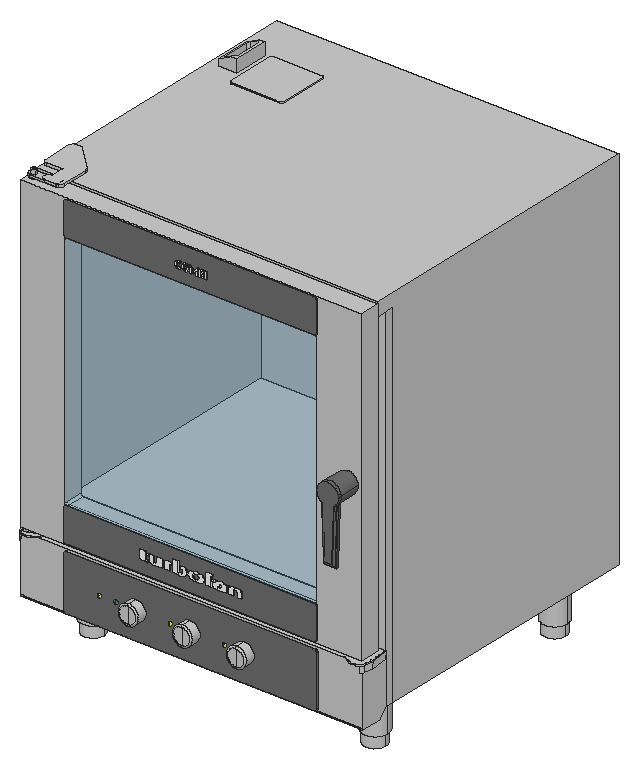
Revit family "QF_Moffat_ICEM071E--", category Specialty Equipment, Revit 2019
Family settings
  Round Connector Dimension = Use Diameter
  Part Type = Normal
  OmniClass Number = 23.40.40.14.17.11
  OmniClass Title = Cookers, Ovens, Stoves
  Work Plane-Based = No
  Always vertical = Yes
  Cut with Voids When Loaded = No
  Shared = No
  Room Calculation Point = No
Parameters (values of type "ICEM071E")
  Weight in Pounds = 198
  Watts = 12500 W
  Waste Water Discharge Temperature [instance] = 0 °C
  Volts = 400 V
  URL Cutsheet = "www.moffat.com"
  URL = "www.moffat.com"
  Status [instance] = ""
  Specification by User [instance] = ""
  Specification by Manufacturer = ""
  Show Logo [instance] = yes
  Show Clearance [instance] = yes
  Serial Number = ""
  Seismic Rating = ""
  SMACNA No = ""
  Revision Code [instance] = ""
  Plumbing Remarks [instance] = ""
  Plumbing Connection Type [instance] = ""
  Phase = 3
  NAFEM Spec ID Number = ""
  Model = "ICEM071E"
  Min Ckt Ampacity = 0 A
  Max Overcurrent Protection = 0 A
  Masterspec = ""
  Manufacturer = "MOFFAT"
  Item Number [instance] = ""
  Installed By [instance] = ""
  Indirect Waste Size = 1 1/2"
  Indirect Waste Flow = 0.0 L/s
  Indirect Waste Connection Type [instance] = ""
  Indirect Waste Connection Height [instance] = 94 mm
  Identify Quantity as Lot [instance] = no
  HP = "16.762750000000"
  Furnished By [instance] = ""
  Foodservice Equipment Identifier [instance] = yes
  Filtered Water Supply Size = 3/4"
  Filtered Water RI Height [instance] = 119 mm
  Filtered Water Flow [instance] = 0.0 L/s
  Filtered Water Connection Height [instance] = 119 mm
  FL Amps = 18 A
  Electrical Remarks [instance] = ""
  Electric Connection Type [instance] = ""
  Elec Conn RI Height [instance] = 0 mm
  Elec Conn Connection Height [instance] = 119 mm
  Description = "ELECTRIC DIRECT STEAM COMBI OVEN - 7 X 1/1 GN - 7 X 600 X 400 ● ELECTROMECHANICAL CONTROLS"
  Cycle = 50 Hz
  Conn Plug = ""
  Conn Conduit [instance] = no
  Cold Water Temperature Recommended = 0 °C
  Cold Water Size = 3/4"
  Cold Water Minimum Pressure = 20000.0 Pa
  Cold Water Maximum Pressure = 50000.0 Pa
  Cold Water Flow [instance] = 0.0 L/s
  Cold Water Consumption [instance] = 0.0 L/s
  Cold Water Connection Height [instance] = 119 mm
  CSI MasterFormat = ""
  Assembly Code = "E1090320"
  Apparent Power = 12500 VA
Reference planes
  plane 1 "Back": y = 0
  plane 2: z = 0
  plane 3 "Left": x = 0
  plane 4 "Right": x = 776.5
  plane 5 "Front": y = -729
  plane 6 "Top": z = 954
Forms (mm)
  Extrusion 1, solid
    sketch origin (-1.5, -729, 61) x (-1, 0, 0) y (0, 0, 1)
      loop
        arc (-670.5, 808) -> (-674.036, 806.536) -> (-675.5, 803) r 5
        line (-675.5, 803) -> (-675.5, 266)
        arc (-675.5, 266) -> (-674.036, 262.464) -> (-670.5, 261) r 5
        line (-670.5, 261) -> (-106.5, 261)
        arc (-106.5, 261) -> (-102.964, 262.464) -> (-101.5, 266) r 5
        line (-101.5, 266) -> (-101.5, 803)
        arc (-101.5, 803) -> (-102.964, 806.536) -> (-106.5, 808) r 5
        line (-106.5, 808) -> (-670.5, 808)
    from 0 to 7
  Extrusion 2, solid
    sketch origin (0, -734, 62) x (-1, 0, 0) y (0, 0, 1)
      loop
        line (0, 888) -> (-776.5, 888) -> (-776.5, 181) -> (0, 181) -> (0, 888)
      loop
        line (-105, 807) -> (-669, 807)
        arc (-669, 807) -> (-672.536, 805.536) -> (-674, 802) r 5
        line (-674, 802) -> (-674, 265)
        arc (-674, 265) -> (-672.536, 261.464) -> (-669, 260) r 5
        line (-669, 260) -> (-105, 260)
        arc (-105, 260) -> (-101.464, 261.464) -> (-100, 265) r 5
        line (-100, 265) -> (-100, 802)
        arc (-100, 802) -> (-101.464, 805.536) -> (-105, 807) r 5
    from 5 to 50
  Extrusion 3, void
    sketch origin (0, -770, 62) x (-1, 0, 0) y (0, 0, 1)
      loop
        line (-726.5, 842) -> (-726.5, 231) -> (-50, 231) -> (-50, 842) -> (-726.5, 842)
    from 73.5 to 660
  Extrusion 4, solid
    sketch origin (-8, 64, 226.75) x (0, 1, 0) y (0, 0, 1)
      loop
        arc (-748, 20) -> (-749.464, 16.464) -> (-753, 15) r 5
        line (-753, 15) -> (-753, 10)
        arc (-753, 10) -> (-745.929, 12.929) -> (-743, 20) r 10
        line (-743, 20) -> (-743, 47.5) -> (-748, 47.5) -> (-748, 20)
    from 18.5 to 58.5
  Extrusion 5, solid
    sketch origin (-8, 64, 226.75) x (1, 0, 0) y (0, 1, 0)
      loop
        line (8, -763.5) -> (8, -785.458)
        arc (8, -785.458) -> (10.035, -789.942) -> (14.75, -791.36) r 5.955
        arc (14.75, -791.36) -> (37.705, -785.436) -> (55.645, -769.937) r 52.003
        arc (55.645, -769.937) -> (57.768, -765.771) -> (58.5, -761.152) r 14.947
        line (58.5, -761.152) -> (58.5, -753) -> (18.5, -753) -> (18.5, -757.5)
        arc (18.5, -757.5) -> (17.621, -759.621) -> (15.5, -760.5) r 3
        line (15.5, -760.5) -> (11, -760.5)
        arc (11, -760.5) -> (8.879, -761.379) -> (8, -763.5) r 3
    from 10 to 15
  Extrusion 6, solid
    sketch origin (0, 0, 0) x (0, 1, 0) y (0, 0, 1)
      loop
        line (0, 119.02) -> (0, 954) -> (-684, 954) -> (-684, 924) -> (-644, 924) -> (-644, 119.02) -> (0, 119.02)
    from 0 to 776.5
  Extrusion 7, solid
    sketch origin (-8, 0, 3) x (1, 0, 0) y (0, 1, 0)
      loop
        circle (19, -719.093) r 5
    from 232.5 to 240
  Extrusion 8, solid
    sketch origin (5, 0, 177) x (1, 0, 0) y (0, 1, 0)
      loop
        arc (5, -581.05) -> (-2.071, -583.979) -> (-5, -591.05) r 10
        line (-5, -591.05) -> (-5, -656.05)
        arc (-5, -656.05) -> (-2.071, -663.121) -> (5, -666.05) r 10
        line (5, -666.05) -> (40, -666.05) -> (40, -695.05)
        arc (40, -695.05) -> (30, -705.05) -> (40, -715.05) r 10
        line (40, -715.05) -> (65, -715.05)
        arc (65, -715.05) -> (67.236, -714.797) -> (69.359, -714.05) r 10
        arc (69.359, -714.05) -> (73.473, -710.361) -> (75, -705.05) r 10
        line (75, -705.05) -> (75, -644.192)
        arc (75, -644.192) -> (74.239, -640.365) -> (72.071, -637.121) r 10
        line (72.071, -637.121) -> (18.929, -583.979)
        arc (18.929, -583.979) -> (15.685, -581.811) -> (11.858, -581.05) r 10
        line (11.858, -581.05) -> (5, -581.05)
    from 777 to 782
  Extrusion 9, solid
    sketch origin (0, 0, 177) x (0, 1, 0) y (0, 0, 1)
      loop
        line (0, 402.121) -> (50, 402.121) -> (50, 695.487) -> (0, 745.487) -> (0, 402.121)
    from 66.5 to 216.5
  Revolve 10, solid
    sketch origin (-5, -605.284, 0) x (1, 0, 0) y (0, 0, 1)
      loop
        line (46.862, 0) -> (72, 0) -> (72, 119.02) -> (43, 119.02) -> (43, 26.5) -> (46.862, 26.5) -> (46.862, 0)
      axis (72, 0) -> (72, 119.02)
    angle from 0 to 360
  Extrusion 11, solid
    sketch origin (26.25, 0, 954) x (1, 0, 0) y (0, 1, 0)
      loop
        line (164.05, -109.8) -> (54.05, -109.8)
        arc (54.05, -109.8) -> (50.514, -111.264) -> (49.05, -114.8) r 5
        line (49.05, -114.8) -> (49.05, -224.8)
        arc (49.05, -224.8) -> (50.514, -228.336) -> (54.05, -229.8) r 5
        line (54.05, -229.8) -> (164.05, -229.8)
        arc (164.05, -229.8) -> (167.586, -228.336) -> (169.05, -224.8) r 5
        line (169.05, -224.8) -> (169.05, -114.8)
        arc (169.05, -114.8) -> (167.586, -111.264) -> (164.05, -109.8) r 5
    from 0 to 2
  Extrusion 12, solid
    sketch origin (-2.75, 0, 954) x (1, 0, 0) y (0, 1, 0)
      loop
        line (26.25, -114.484) -> (26.25, -194.484) -> (66.25, -194.484) -> (66.25, -114.484) -> (26.25, -114.484)
      loop
        line (56.104, -119.484) -> (36.739, -119.484) -> (31.956, -124.484) -> (31.956, -184.484) -> (36.739, -189.484) -> (56.104, -189.484) -> (60.887, -184.484) -> (60.887, -124.484) -> (56.104, -119.484)
    from 0 to 30
  Extrusion 13, void
    sketch origin (0, 0, 177) x (1, 0, 0) y (0, 0, 1)
      loop
        line (11.25, 787) -> (23.5, 787) -> (23.5, 791.9) -> (51.111, 805.706) -> (71.25, 805.706) -> (71.25, 822) -> (11.25, 822) -> (11.25, 787)
    from 110 to 205.852
  Extrusion 14, solid
    sketch origin (-3, 0, 109) x (1, 0, 0) y (0, 1, 0)
      loop
        circle (480.5, -40) r 10
    from 0 to 10.02
  Extrusion 15, solid
    sketch origin (0, 0, 0) x (1, 0, 0) y (0, 0, 1)
      loop
        line (96, 119.02) -> (96, 68) -> (554.5, 68) -> (554.5, 119.02) -> (553.5, 119.02) -> (553.5, 69.6) -> (97, 69.6) -> (97, 119.02) -> (96, 119.02)
    from 54.615 to 0.871
  Sweep 16, solid
    path origin (388.257, -0.7, 18.041) x (0, 1, 0) y (0, 0, 1)
      loop
        line (22.676, 76) -> (-84, 76) -> (-136.6, 80.825) -> (-267.884, 129.449)
    profile origin (388.257, -31.362, 94.041) x (0, 0, -1) y (1, 0, 0)
      loop
        circle (0, 0) r 20
  Extrusion 17, solid, visible <- "Show Clearance", detail levels coarse
    sketch origin (0, 0, 0) x (1, 0, 0) y (0, 1, 0)
      loop
        line (776.5, -729) -> (0, -729) -> (0, -1505.5)
        arc (0, -1505.5) -> (549.068, -1278.068) -> (776.5, -729) r 776.5
    from 243 to 950
  Extrusion 18, solid, visible <- "Show Clearance", detail levels coarse
    sketch origin (0, 0, 0) x (1, 0, 0) y (0, 1, 0)
      loop
        line (0, -729) -> (0, 0) -> (776.5, 0) -> (776.5, 65) -> (-500, 65) -> (-500, -729) -> (0, -729)
    from 0 to 954
  Extrusion 19, solid
    sketch origin (0, -728, 0) x (1, 0, 0) y (0, 0, 1)
      loop
        arc (674, 317) -> (672.536, 320.536) -> (669, 322) r 5
        line (669, 322) -> (105, 322)
        arc (105, 322) -> (101.464, 320.536) -> (100, 317) r 5
        line (100, 317) -> (100, 250)
        arc (100, 250) -> (101.464, 246.464) -> (105, 245) r 5
        line (105, 245) -> (669, 245)
        arc (669, 245) -> (672.536, 246.464) -> (674, 250) r 5
        line (674, 250) -> (674, 317)
      loop
        arc (674, 224.522) -> (672.536, 228.058) -> (669, 229.522) r 5
        line (669, 229.522) -> (105, 229.522)
        arc (105, 229.522) -> (101.464, 228.058) -> (100, 224.522) r 5
        line (100, 224.522) -> (100, 108.522)
        arc (100, 108.522) -> (101.464, 104.987) -> (105, 103.522) r 5
        line (105, 103.522) -> (669, 103.522)
        arc (669, 103.522) -> (672.536, 104.987) -> (674, 108.522) r 5
        line (674, 108.522) -> (674, 224.522)
      loop
        arc (674, 941) -> (672.536, 944.536) -> (669, 946) r 5
        line (669, 946) -> (105, 946)
        arc (105, 946) -> (101.464, 944.536) -> (100, 941) r 5
        line (100, 941) -> (100, 874)
        arc (100, 874) -> (101.464, 870.464) -> (105, 869) r 5
        line (105, 869) -> (669, 869)
        arc (669, 869) -> (672.536, 870.464) -> (674, 874) r 5
        line (674, 874) -> (674, 941)
    from 0 to 2
  Revolve 20, solid
    sketch origin (635, -605.284, 0) x (1, 0, 0) y (0, 0, 1)
      loop
        line (46.862, 0) -> (72, 0) -> (72, 119) -> (43, 119) -> (43, 26.5) -> (46.862, 26.5) -> (46.862, 0)
      axis (72, 0) -> (72, 119)
    angle from 0 to 360
  Revolve 21, solid
    sketch origin (510.015, -0.02, 28.5) x (0, 1, 0) y (0, 0, 1)
      loop
        line (-754.935, 138.022) -> (-730.98, 138.022) -> (-730.98, 160.022) -> (-751.935, 160.022)
        arc (-751.935, 160.022) -> (-754.056, 159.144) -> (-754.935, 157.022) r 3
        line (-754.935, 157.022) -> (-754.935, 138.022)
      axis (-730.98, 138.022) -> (-754.935, 138.022)
    angle from 0 to 360
  Revolve 22, solid
    sketch origin (0.4, -705.042, 177) x (1, 0, 0) y (0, 0, 1)
      loop
        line (5.6, 774.2) -> (1.6, 774.2) -> (1.6, 772) -> (10.6, 772) -> (10.6, 789.2) -> (6.6, 789.2) -> (5.6, 788.2) -> (5.6, 774.2)
      axis (10.6, 772) -> (10.6, 789.2)
    angle from 0 to 360
  Extrusion 23, solid
    sketch origin (0, 0, 0) x (0, 1, 0) y (0, 0, 1)
      loop
        arc (-661.278, 120.156) -> (-661.167, 120.571) -> (-661.13, 121) r 2.486
        line (-661.13, 121) -> (-661.13, 231.694)
        arc (-661.13, 231.694) -> (-661.599, 232.825) -> (-662.73, 233.294) r 1.6
        line (-662.73, 233.294) -> (-728, 233.294) -> (-728, 103.42)
        arc (-728, 103.42) -> (-727.531, 102.289) -> (-726.4, 101.82) r 1.6
        line (-726.4, 101.82) -> (-680.235, 101.82)
        arc (-680.235, 101.82) -> (-679.661, 101.935) -> (-679.174, 102.26) r 1.5
        line (-679.174, 102.26) -> (-661.278, 120.156)
    from 0 to 776.5
  Extrusion 24, solid
    sketch origin (0, -0.427, 0.313) x (0, 1, 0) y (0, 0, 1)
      loop
        line (-662.006, 97.82) -> (-662.006, 118.687) -> (-677.245, 103.448) -> (-675.618, 101.82) -> (-667.006, 101.82) -> (-667.006, 99.82) -> (-678.618, 99.82) -> (-679.618, 98.82) -> (-679.618, 94.82) -> (-678.618, 93.82) -> (-666.006, 93.82)
        arc (-666.006, 93.82) -> (-663.178, 94.992) -> (-662.006, 97.82) r 4
    from 60.6 to 62.1
  Extrusion 25, solid
    sketch origin (652.8, -0.427, 0.313) x (0, 1, 0) y (0, 0, 1)
      loop
        line (-662.006, 97.82) -> (-662.006, 118.687) -> (-677.245, 103.448) -> (-675.618, 101.82) -> (-667.006, 101.82) -> (-667.006, 99.82) -> (-678.618, 99.82) -> (-679.618, 98.82) -> (-679.618, 94.82) -> (-678.618, 93.82) -> (-666.006, 93.82)
        arc (-666.006, 93.82) -> (-663.178, 94.992) -> (-662.006, 97.82) r 4
    from 60.6 to 62.1
  Extrusion 26, solid
    sketch origin (0, 0, 177) x (1, 0, 0) y (0, 1, 0)
      loop
        arc (11, -695.05) -> (1, -705.05) -> (11, -715.05) r 10
        line (11, -715.05) -> (70, -715.05) -> (70, -695.05) -> (11, -695.05)
    from 780 to 777
  Revolve 27, solid
    sketch origin (-5, -95.284, 0) x (1, 0, 0) y (0, 0, 1)
      loop
        line (46.862, 0) -> (72, 0) -> (72, 119.02) -> (43, 119.02) -> (43, 26.5) -> (46.862, 26.5) -> (46.862, 0)
      axis (72, 0) -> (72, 119.02)
    angle from 0 to 360
  Revolve 28, solid
    sketch origin (635, -95.284, 0) x (1, 0, 0) y (0, 0, 1)
      loop
        line (46.862, 0) -> (72, 0) -> (72, 119) -> (43, 119) -> (43, 26.5) -> (46.862, 26.5) -> (46.862, 0)
      axis (72, 0) -> (72, 119)
    angle from 0 to 360
  Extrusion 29, solid
    sketch origin (0, -644, 0) x (1, 0, 0) y (0, 0, 1)
      loop
        line (0, 924) -> (0, 119.02) -> (776.5, 119.02) -> (776.5, 924) -> (0, 924)
      loop
        line (50, 874) -> (50, 169.02) -> (726.5, 169.02) -> (726.5, 874) -> (50, 874)
    from 0 to 17.13
  Extrusion 30, solid
    sketch origin (0, 218.103, 0) x (1, 0, 0) y (0, 1, 0)
      loop
        line (11.387, -954.123) -> (19.679, -954.123)
        arc (19.679, -954.123) -> (23.564, -953.602) -> (27.179, -952.082) r 14.86
        line (27.179, -952.082) -> (40.701, -944.155) -> (40.701, -882.001) -> (-1.998, -882.001)
        arc (-1.998, -882.001) -> (-2.591, -882.19) -> (-2.963, -882.688) r 1.021
        arc (-2.963, -882.688) -> (-5.884, -903.957) -> (-7.5, -925.364) r 351.195
        line (-7.5, -925.364) -> (-3.257, -942.641)
        arc (-3.257, -942.641) -> (2.083, -950.91) -> (11.387, -954.123) r 15.079
    from 233.294 to 235.5
  Extrusion 31, solid
    sketch origin (0, 0, 0) x (1, 0, 0) y (0, 1, 0)
      loop
        line (-7.5, -707.261) -> (-3.257, -724.538)
        arc (-3.257, -724.538) -> (-1.235, -729.191) -> (2.217, -732.911) r 15.079
        line (2.217, -732.911) -> (2.217, -730.267)
        arc (2.217, -730.267) -> (0.019, -727.409) -> (-1.314, -724.06) r 13.079
        line (-1.314, -724.06) -> (-5.5, -707.019)
        arc (-5.5, -707.019) -> (-3.951, -686.392) -> (-1.156, -665.898) r 341.282
        line (-1.156, -665.898) -> (30, -665.898) -> (30, -663.898) -> (-1.998, -663.898)
        arc (-1.998, -663.898) -> (-2.72, -664.197) -> (-3.019, -664.919) r 1.021
        arc (-3.019, -664.919) -> (-5.902, -686.022) -> (-7.5, -707.261) r 351.195
    from 219.2 to 233.294
  Extrusion 32, solid
    sketch origin (0, 0, 0) x (1, 0, 0) y (0, 1, 0)
      loop
        line (736.5, -661.13) -> (40, -661.13) -> (40, -684) -> (736.5, -684) -> (736.5, -661.13)
    from 274.25 to 924
  Extrusion 33, solid
    sketch origin (-3, 0, 0) x (1, 0, 0) y (0, 1, 0)
      loop
        circle (600.5, -40) r 10
    from 109 to 119.02
  Extrusion 34, solid
    sketch origin (-3, 0, 0) x (1, 0, 0) y (0, 1, 0)
      loop
        circle (675.5, -40) r 10
    from 109 to 119.02
  Extrusion 35, solid
    sketch origin (776.5, 218.103, 0) x (-1, 0, 0) y (0, -1, 0)
      loop
        arc (11.387, 954.123) -> (2.083, 950.91) -> (-3.257, 942.641) r 15.079
        line (-3.257, 942.641) -> (-7.5, 925.364)
        arc (-7.5, 925.364) -> (-5.884, 903.957) -> (-2.963, 882.688) r 351.195
        arc (-2.963, 882.688) -> (-2.591, 882.19) -> (-1.998, 882.001) r 1.021
        line (-1.998, 882.001) -> (40.701, 882.001) -> (40.701, 944.155) -> (27.179, 952.082)
        arc (27.179, 952.082) -> (23.564, 953.602) -> (19.679, 954.123) r 14.86
        line (19.679, 954.123) -> (11.387, 954.123)
    from 233.294 to 235.5
  Extrusion 36, solid
    sketch origin (776.5, 0, 0) x (-1, 0, 0) y (0, -1, 0)
      loop
        arc (-7.5, 707.261) -> (-5.902, 686.022) -> (-3.019, 664.919) r 351.195
        arc (-3.019, 664.919) -> (-2.72, 664.197) -> (-1.998, 663.898) r 1.021
        line (-1.998, 663.898) -> (30, 663.898) -> (30, 665.898) -> (-1.156, 665.898)
        arc (-1.156, 665.898) -> (-3.951, 686.392) -> (-5.5, 707.019) r 341.282
        line (-5.5, 707.019) -> (-1.314, 724.06)
        arc (-1.314, 724.06) -> (0.019, 727.409) -> (2.217, 730.267) r 13.079
        line (2.217, 730.267) -> (2.217, 732.911)
        arc (2.217, 732.911) -> (-1.235, 729.191) -> (-3.257, 724.538) r 15.079
        line (-3.257, 724.538) -> (-7.5, 707.261)
    from 219.2 to 233.294
  Revolve 37, solid
    sketch origin (264, -0.02, 28.5) x (0, 1, 0) y (0, 0, 1)
      loop
        line (-754.935, 138.022) -> (-730.98, 138.022) -> (-730.98, 160.022) -> (-751.935, 160.022)
        arc (-751.935, 160.022) -> (-754.056, 159.144) -> (-754.935, 157.022) r 3
        line (-754.935, 157.022) -> (-754.935, 138.022)
      axis (-730.98, 138.022) -> (-754.935, 138.022)
    angle from 0 to 360
  Extrusion 38, solid
    sketch origin (0, -2.2, 28.5) x (1, 0, 0) y (0, 0, 1)
      loop
        circle (387, 138.022) r 3
      loop
        circle (510, 138.022) r 3
      loop
        circle (264, 138.022) r 3
    from 726.8 to 728.8
  Revolve 39, solid
    sketch origin (386.984, -0.02, 28.5) x (0, 1, 0) y (0, 0, 1)
      loop
        line (-754.935, 138.022) -> (-730.98, 138.022) -> (-730.98, 160.022) -> (-751.935, 160.022)
        arc (-751.935, 160.022) -> (-754.056, 159.144) -> (-754.935, 157.022) r 3
        line (-754.935, 157.022) -> (-754.935, 138.022)
      axis (-730.98, 138.022) -> (-754.935, 138.022)
    angle from 0 to 360
  Revolve 40, solid
    sketch origin (179.989, 0, 1.004) x (0, 1, 0) y (0, 0, 1)
      loop
        line (-730, 165.519) -> (-730, 169.522)
        arc (-730, 169.522) -> (-730.746, 167.582) -> (-731, 165.519) r 8.507
        line (-731, 165.519) -> (-730, 165.519)
      axis (-730, 165.519) -> (-731, 165.519)
    angle from 0 to 360
  Revolve 41, solid
    sketch origin (217.996, 0, 1.004) x (0, 1, 0) y (0, 0, 1)
      loop
        line (-730, 165.519) -> (-730, 169.522)
        arc (-730, 169.522) -> (-730.746, 167.582) -> (-731, 165.519) r 8.507
        line (-731, 165.519) -> (-730, 165.519)
      axis (-730, 165.519) -> (-731, 165.519)
    angle from 0 to 360
  Revolve 42, solid
    sketch origin (340.98, 0, 1.004) x (0, 1, 0) y (0, 0, 1)
      loop
        line (-730, 165.519) -> (-730, 169.522)
        arc (-730, 169.522) -> (-730.746, 167.582) -> (-731, 165.519) r 8.507
        line (-731, 165.519) -> (-730, 165.519)
      axis (-730, 165.519) -> (-731, 165.519)
    angle from 0 to 360
  Revolve 43, solid
    sketch origin (464.011, 0, 1.004) x (0, 1, 0) y (0, 0, 1)
      loop
        line (-730, 165.519) -> (-730, 169.522)
        arc (-730, 169.522) -> (-730.746, 167.582) -> (-731, 165.519) r 8.507
        line (-731, 165.519) -> (-730, 165.519)
      axis (-730, 165.519) -> (-731, 165.519)
    angle from 0 to 360
Cuts and joins
  Extrusion 3 cuts Extrusion 6
  Extrusion 13 cuts Extrusion 12
  Extrusion 3 cuts Extrusion 29
  Extrusion 3 cuts Extrusion 32
Lines and regions (mm)
  symbolic lines, style "200-EquipBorder-2D"
    curve 1: line (0, 0, 0) -> (776.5, 0, 0)
    curve 2: line (776.5, -729, 0) -> (0, -729, 0)
    curve 3: line (776.5, 0, 0) -> (776.5, -729, 0)
    curve 4: line (66.5, 50, 0) -> (216.5, 50, 0)
    curve 5: line (216.5, 50, 0) -> (216.5, 0, 0)
    curve 6: line (66.5, 50, 0) -> (66.5, 0, 0)
    curve 7: arc (241.973, -751.679, 0) -> (243.079, -754.039, 0) -> (245.502, -755, 0) r 3.536
    curve 8: line (285.972, -751.464, 0) -> (285.972, -731, 0)
    curve 9: arc (285.972, -751.464, 0) -> (284.937, -753.964, 0) -> (282.437, -755, 0) r 3.536
    curve 10: line (282.437, -755, 0) -> (245.502, -755, 0)
    curve 22: line (0, -729, 0) -> (0, 0, 0)
    curve 28: line (241.973, -731, 0) -> (241.973, -751.679, 0)
    curve 29: line (241.973, -731, 0) -> (285.972, -731, 0)
    curve 30: arc (364.956, -751.679, 0) -> (366.062, -754.039, 0) -> (368.485, -755, 0) r 3.536
    curve 31: line (408.956, -751.464, 0) -> (408.956, -731, 0)
    curve 32: arc (408.956, -751.464, 0) -> (407.92, -753.964, 0) -> (405.42, -755, 0) r 3.536
    curve 33: line (405.42, -755, 0) -> (368.485, -755, 0)
    curve 34: line (364.956, -731, 0) -> (364.956, -751.679, 0)
    curve 35: line (364.956, -731, 0) -> (408.956, -731, 0)
    curve 36: arc (487.987, -751.679, 0) -> (489.093, -754.039, 0) -> (491.516, -755, 0) r 3.536
    curve 37: line (531.987, -751.464, 0) -> (531.987, -731, 0)
    curve 38: arc (531.987, -751.464, 0) -> (530.951, -753.964, 0) -> (528.451, -755, 0) r 3.536
    curve 39: line (528.451, -755, 0) -> (491.516, -755, 0)
    curve 40: line (487.987, -731, 0) -> (487.987, -751.679, 0)
    curve 41: line (487.987, -731, 0) -> (531.987, -731, 0)
    curve 42: line (260.984, -731, 0) -> (260.984, -729, 0)
    curve 43: line (266.999, -729, 0) -> (266.999, -731, 0)
    curve 44: line (383.967, -731, 0) -> (383.967, -729, 0)
    curve 45: line (389.982, -729, 0) -> (389.982, -731, 0)
    curve 46: line (506.998, -731, 0) -> (506.998, -729, 0)
    curve 47: line (513.013, -729, 0) -> (513.013, -731, 0)
  symbolic lines, style "200-EquipInternal-2D"
    curve 11: line (75.3, -114.8, 0) -> (75.3, -224.8, 0)
    curve 12: line (63.5, -194.484, 0) -> (63.5, -114.484, 0)
    curve 13: line (23.5, -114.484, 0) -> (23.5, -194.484, 0)
    curve 14: line (63.5, -114.484, 0) -> (23.5, -114.484, 0)
    curve 15: line (23.5, -194.484, 0) -> (63.5, -194.484, 0)
    curve 16: arc (75.3, -224.8, 0) -> (76.764, -228.336, 0) -> (80.3, -229.8, 0) r 5
    curve 17: arc (190.3, -229.8, 0) -> (193.836, -228.336, 0) -> (195.3, -224.8, 0) r 5
    curve 18: line (195.3, -224.8, 0) -> (195.3, -114.8, 0)
    curve 19: line (80.3, -229.8, 0) -> (190.3, -229.8, 0)
    curve 20: arc (80.3, -109.8, 0) -> (76.764, -111.264, 0) -> (75.3, -114.8, 0) r 5
    curve 21: arc (195.3, -114.8, 0) -> (193.836, -111.264, 0) -> (190.3, -109.8, 0) r 5
    curve 27: line (80.3, -109.8, 0) -> (190.3, -109.8, 0)
    curve 48: line (0, -684, 0) -> (776.5, -684, 0)
    curve 49: line (77.071, -637.121, 0) -> (23.929, -583.979, 0)
    curve 50: arc (10, -581.05, 0) -> (2.929, -583.979, 0) -> (0, -591.05, 0) r 10
    curve 51: line (16.858, -581.05, 0) -> (10, -581.05, 0)
    curve 52: arc (23.929, -583.979, 0) -> (20.685, -581.811, 0) -> (16.858, -581.05, 0) r 10
    curve 53: line (10, -666.05, 0) -> (45, -666.05, 0)
    curve 54: arc (0, -656.05, 0) -> (2.929, -663.121, 0) -> (10, -666.05, 0) r 10
    curve 55: line (45, -666.05, 0) -> (45, -695.05, 0)
    curve 56: line (80, -705.05, 0) -> (80, -644.192, 0)
    curve 57: arc (80, -644.192, 0) -> (79.239, -640.365, 0) -> (77.071, -637.121, 0) r 10
    curve 58: arc (70, -715.05, 0) -> (77.071, -712.121, 0) -> (80, -705.05, 0) r 10
    curve 59: line (45, -715.05, 0) -> (70, -715.05, 0)
    curve 60: arc (45, -695.05, 0) -> (35, -705.05, 0) -> (45, -715.05, 0) r 10
    curve 61: line (45, -695.05, 0) -> (11, -695.05, 0)
    curve 62: arc (11, -695.05, 0) -> (1, -705.05, 0) -> (11, -715.05, 0) r 10
    curve 63: line (11, -715.05, 0) -> (45, -715.05, 0)
    curve 64: circle (11, -705.042, 0) r 5 normal (0, 0, 1)
    curve 65: circle (11, -705.042, 0) r 4 normal (0, 0, 1)
    curve 66: line (33.989, -119.484, 0) -> (53.354, -119.484, 0)
    curve 67: line (29.206, -124.484, 0) -> (33.989, -119.484, 0)
    curve 68: line (29.206, -184.484, 0) -> (29.206, -124.484, 0)
    curve 69: line (33.989, -189.484, 0) -> (29.206, -184.484, 0)
    curve 70: line (53.354, -189.484, 0) -> (33.989, -189.484, 0)
    curve 71: line (58.137, -184.484, 0) -> (53.354, -189.484, 0)
    curve 72: line (58.137, -124.484, 0) -> (58.137, -184.484, 0)
    curve 73: line (53.354, -119.484, 0) -> (58.137, -124.484, 0)
  symbolic lines, style "QF_Door-Drawer Clearances", visible <- "Show Clearance"
    curve 23: line (0, -729, 0) -> (0, -1505.5, 0)
    curve 24: arc (0, -1505.5, 0) -> (549.068, -1278.068, 0) -> (776.5, -729, 0) r 776.5
  symbolic lines, style "QF_Clearances", visible <- "Show Clearance"
    curve 25: line (-500, -729, 0) -> (-500, 65, 0)
    curve 26: line (-500, 65, 0) -> (776.5, 65, 0)
Dimensions and locks
  plane 3 "Left" to plane 4 "Right" = 776.5 mm
  plane 5 "Front" to plane 1 "Back" = 729 mm
  plane 6 "Top" to level = 954 mm
  plane 1 "Back" to plane 5 "Front" = 729 mm
  plane 4 "Right" to plane 3 "Left" = 776.5 mm
  aligned and locked: level to plane 2
Nested families
  nested 1: "Combi_Handle" at (743.881, -729, 595.299) x (1, 0, 0) z (0, -1, 0), type "KTM"
    with MAT_Handle none
  nested 2: "Combi_Logo_Combi" at (388.25, -729.5, 904) x (1, 0, 0) z (0, -1, 0), visible <- "Show Logo", type "KTM"
    with MAT_Handle none
  nested 3: "Combi_Logo_Turbofan" at (388.25, -729.5, 283.5) x (1, 0, 0) z (0, -1, 0), visible <- "Show Logo", type "KTM"
    with MAT_Handle none
Connectors
  electrical at (477.5, -40, 109), driven by "Apparent Power", driven by "Volts"
    settings: on Extrusion 14, index 1, voltage 400 V, apparent load 12500 VA, apparent load phase1 0 VA, apparent load phase2 0 VA, apparent load phase3 0 VA, power factor 1, load classification "Other", number of poles 1, system type 30, power factor state 1, is connector primary yes, connector utility no, sub classification motor no, connector description "Electrical connestion"
  piping at (597.5, -40, 109), diameter 19.05, driven by "Cold Water Size", driven by "Cold Water Flow"
    settings: on Extrusion 33, index 2, connector inside diameter 24", connector length 0 mm, flow factor 0, pipe flow 0.0 L/s, pressure drop 0.0 Pa, fitting loss kfactor 0, connector angle 0.00°, fixture units 0, engagement length 0 mm, angle of deflection 0.00°, flow configuration 0, flow direction 1, fitting loss method 0, system type 20, joint type 0, gender type 0, connector reference index -1, connector utility 0, adjustable connector no, is connector primary yes, connector description "Cold water inlet"
  piping at (672.5, -40, 109), diameter 19.05, driven by "Cold Water Size", driven by "Cold Water Flow"
    settings: on Extrusion 34, index 4, connector inside diameter 24", connector length 0 mm, flow factor 0, pipe flow 0.0 L/s, pressure drop 0.0 Pa, fitting loss kfactor 0, connector angle 0.00°, fixture units 0, engagement length 0 mm, angle of deflection 0.00°, flow configuration 0, flow direction 1, fitting loss method 0, system type 20, joint type 0, gender type 0, connector reference index -1, connector utility 0, adjustable connector no, is connector primary no, connector description "Cold soft water"
  piping at (388.257, 21.976, 94.041), diameter 38.1, driven by "Indirect Waste Size", driven by "Indirect Waste Flow"
    settings: on Sweep 16, index 5, connector inside diameter 24", connector length 0 mm, flow factor 0, pipe flow 0.0 L/s, pressure drop 0.0 Pa, fitting loss kfactor 0, connector angle 0.00°, fixture units 0, engagement length 0 mm, angle of deflection 0.00°, flow configuration 0, flow direction 2, fitting loss method 0, system type 16, joint type 0, gender type 0, connector reference index -1, connector utility 0, adjustable connector no, is connector primary no, connector description "Drain"
Definition of nested family "Combi_Handle"
  Parameters (values of type "KTM")
    MAT_Handle [instance] = none
    Default Elevation = 0 mm
  Reference planes
    plane 1 "Center (Front/Back)": y = 0
    plane 2: z = 0
    plane 3 "Center (Left/Right)": x = 0
    plane 4: y = -150
  Forms (mm)
    Revolve 1, solid, material <- "MAT_Handle"
      sketch origin (0, 0, 0) x (1, 0, 0) y (0, 0, 1)
        loop
          line (-23.5, 0) -> (0, 0) -> (0, 56.5) -> (-24.5, 56.5) -> (-24.5, 50) -> (-23.5, 0)
        axis (0, 0) -> (0, 56.5)
      angle from 0 to 360
    Blend 2, solid, material <- "MAT_Handle"
      base sketch origin (0, 0, 0) x (1, 0, 0) y (0, 0, 1)
        loop
          arc (-12.809, 56.5) -> (-13.773, 56.252) -> (-14.499, 55.57) r 2
          line (-14.499, 55.57) -> (-17.189, 51.324)
          arc (-17.189, 51.324) -> (-17.421, 50.811) -> (-17.5, 50.253) r 2
          line (-17.5, 50.253) -> (-17.5, 46.906)
          arc (-17.5, 46.906) -> (-15.743, 42.664) -> (-11.5, 40.906) r 6
          line (-11.5, 40.906) -> (11.5, 40.906)
          arc (11.5, 40.906) -> (15.743, 42.664) -> (17.5, 46.906) r 6
          line (17.5, 46.906) -> (17.5, 50.253)
          arc (17.5, 50.253) -> (17.421, 50.811) -> (17.189, 51.324) r 2
          line (17.189, 51.324) -> (14.499, 55.57)
          arc (14.499, 55.57) -> (13.773, 56.252) -> (12.809, 56.5) r 2
          line (12.809, 56.5) -> (-12.809, 56.5)
      top sketch origin (0, 0, 0) x (1, 0, 0) y (0, 0, 1)
        loop
          arc (-9.137, 56.5) -> (-10.101, 56.252) -> (-10.827, 55.57) r 2
          line (-10.827, 55.57) -> (-13.189, 51.841)
          arc (-13.189, 51.841) -> (-13.421, 51.328) -> (-13.5, 50.771) r 2
          line (-13.5, 50.771) -> (-13.5, 48.5)
          arc (-13.5, 48.5) -> (-11.743, 44.257) -> (-7.5, 42.5) r 6
          line (-7.5, 42.5) -> (7.5, 42.5)
          arc (7.5, 42.5) -> (11.743, 44.257) -> (13.5, 48.5) r 6
          line (13.5, 48.5) -> (13.5, 50.771)
          arc (13.5, 50.771) -> (13.421, 51.328) -> (13.189, 51.841) r 2
          line (13.189, 51.841) -> (10.827, 55.57)
          arc (10.827, 55.57) -> (10.101, 56.252) -> (9.137, 56.5) r 2
          line (9.137, 56.5) -> (-9.137, 56.5)
      from 0 to 150
    Extrusion 3, void
      sketch origin (0, 0, 0) x (0, 1, 0) y (0, 0, 1)
        loop
          line (-150, 48.5) -> (-134.679, 61.356) -> (-150, 61.356) -> (-150, 48.5)
      from -30 to 30
  Cuts and joins
    Extrusion 3 cuts Blend 2
    joined: Revolve 1, Blend 2
  Dimensions and locks
    locked: plane 4 to plane 1 "Center (Front/Back)" at 150
    aligned and locked: level to plane 2
    aligned and locked: Blend 2 to plane 4
    aligned and locked: Extrusion 3 sketch curve to plane 4
Definition of nested family "Combi_Logo_Combi"
  Parameters (values of type "KTM")
    MAT_Handle [instance] = none
    Default Elevation = 0 mm
  Reference planes
    plane 1 "Center (Front/Back)": y = 0
    plane 2: z = 0
    plane 3 "Center (Left/Right)": x = 0
  Forms (mm)
    Extrusion 1, solid, material <- "MAT_Handle"
      sketch origin (0, 0, 0) x (1, 0, 0) y (0, 1, 0)
        loop
          circle (-11.986, 0) r 8
        loop
          arc (-21.925, 5.237) -> (-35.972, 0) -> (-21.925, -5.237) r 8
          line (-21.925, -5.237) -> (-24.458, -3.044)
          arc (-24.458, -3.044) -> (-32.622, 0) -> (-24.458, 3.044) r 4.65
          line (-24.458, 3.044) -> (-21.925, 5.237)
        loop
          circle (-11.986, 0) r 4.65
        loop
          line (7.112, -0.787) -> (-1.186, 8) -> (-1.186, -8) -> (2.17, -8) -> (2.17, -0.498) -> (7.112, -5.732) -> (12.054, -0.498) -> (12.054, -8) -> (15.41, -8) -> (15.41, 8) -> (7.112, -0.787)
        loop
          arc (25.183, -8) -> (28.614, -6.579) -> (30.036, -3.147) r 4.853
          arc (30.036, -3.147) -> (29.215, -0.733) -> (27.093, 0.68) r 3.961
          arc (27.093, 0.68) -> (28.677, 1.43) -> (29.32, 3.059) r 2.384
          arc (29.32, 3.059) -> (27.873, 6.553) -> (24.379, 8) r 4.941
          line (24.379, 8) -> (18.583, 8) -> (18.583, -8) -> (25.183, -8)
        loop
          arc (25.183, -5.212) -> (27.248, -3.147) -> (25.183, -1.083) r 2.065
          line (25.183, -1.083) -> (21.939, -1.083) -> (21.939, -5.212) -> (25.183, -5.212)
        loop
          line (32.617, 8) -> (32.617, -8) -> (35.972, -8) -> (35.972, 8) -> (32.617, 8)
        loop
          arc (24.379, 1.246) -> (26.192, 3.059) -> (24.379, 4.872) r 1.813
          line (24.379, 4.872) -> (21.939, 4.872) -> (21.939, 1.246) -> (24.379, 1.246)
      from 0 to 1
  Dimensions and locks
    aligned and locked: level to plane 2
Definition of nested family "Combi_Logo_Turbofan"
  Parameters (values of type "KTM")
    MAT_Handle [instance] = none
    Default Elevation = 0 mm
  Reference planes
    plane 1 "Center (Front/Back)": y = 0
    plane 2: z = 0
    plane 3 "Center (Left/Right)": x = 0
  Forms (mm)
    Extrusion 1, solid, material <- "MAT_Handle"
      sketch origin (0, 0, 0) x (1, 0, 0) y (0, 1, 0)
        loop
          line (-84.466, -3.334) -> (-84.466, 7.583) -> (-93.685, 7.583) -> (-93.685, -5.149)
          arc (-93.685, -5.149) -> (-92.935, -7.494) -> (-90.965, -8.971) r 4.045
          arc (-90.965, -8.971) -> (-82.419, -10.77) -> (-73.696, -10.378) r 34.694
          line (-73.696, -10.378) -> (-64.589, -8.806) -> (-64.589, 7.583) -> (-76.526, 7.583) -> (-76.526, -5.61) -> (-80.945, -6.329)
          arc (-80.945, -6.329) -> (-83.397, -5.645) -> (-84.466, -3.334) r 3.034
        loop
          line (-45.406, 3.753) -> (-42.901, 3.552) -> (-42.901, 8.399)
          arc (-42.901, 8.399) -> (-51.379, 8.286) -> (-59.686, 6.588) r 45.105
          line (-59.686, 6.588) -> (-59.686, -10) -> (-47.59, -10) -> (-47.59, 1.737)
          arc (-47.59, 1.737) -> (-46.939, 3.223) -> (-45.406, 3.753) r 2.022
        loop
          arc (-112.147, -9.336) -> (-105.49, -10.705) -> (-98.694, -10.776) r 35.397
          line (-98.694, -10.776) -> (-98.694, -6.355) -> (-100.329, -6.11)
          arc (-100.329, -6.11) -> (-101.561, -5.429) -> (-102.051, -4.11) r 2.022
          line (-102.051, -4.11) -> (-102.051, 3.552) -> (-96.349, 3.552) -> (-96.349, 8.399) -> (-102.051, 8.399) -> (-102.051, 11.861) -> (-115, 11.861) -> (-115, -5.47)
          arc (-115, -5.47) -> (-114.209, -7.873) -> (-112.147, -9.336) r 4.045
        loop
          line (48.31, 12.224) -> (50.721, 12.224) -> (50.721, 16.312)
          arc (50.721, 16.312) -> (43.82, 16.571) -> (37.027, 15.329) r 31.679
          arc (37.027, 15.329) -> (34.94, 13.87) -> (34.139, 11.453) r 4.045
          line (34.139, 11.453) -> (34.139, -10) -> (46.287, -10) -> (46.287, 3.028) -> (53.388, 3.028) -> (53.388, 7.583) -> (46.287, 7.583) -> (46.287, 10.201)
          arc (46.287, 10.201) -> (46.879, 11.631) -> (48.31, 12.224) r 2.022
        loop
          arc (-40.679, -9.529) -> (-28.158, -11.048) -> (-15.637, -9.529) r 52.376
          arc (-15.637, -9.529) -> (-11.863, -7.77) -> (-9.039, -4.711) r 10.763
          arc (-9.039, -4.711) -> (-8.862, 3.983) -> (-16.363, 8.383) r 8.595
          line (-16.363, 8.383) -> (-25.765, 8.383) -> (-25.765, 3.784) -> (-22.398, 3.784)
          arc (-22.398, 3.784) -> (-18.585, 2.035) -> (-17.424, -1.997) r 5.03
          arc (-17.424, -1.997) -> (-18.584, -4.428) -> (-20.901, -5.802) r 4.629
          arc (-20.901, -5.802) -> (-24.719, -6.11) -> (-28.441, -5.205) r 12.061
          line (-28.441, -5.205) -> (-28.441, 16.968) -> (-40.679, 16.968) -> (-40.679, -9.529)
        loop
          arc (0.635, -8.752) -> (12.758, -10.73) -> (24.88, -8.752) r 38.131
          arc (24.88, -8.752) -> (28.396, -6.917) -> (31.17, -4.083) r 12.641
          arc (31.17, -4.083) -> (32.103, -1.157) -> (31.17, 1.77) r 5.056
          arc (31.17, 1.77) -> (28.396, 4.604) -> (24.88, 6.438) r 12.641
          arc (24.88, 6.438) -> (12.758, 8.417) -> (0.635, 6.438) r 38.131
          arc (0.635, 6.438) -> (-2.88, 4.604) -> (-5.655, 1.77) r 12.641
          arc (-5.655, 1.77) -> (-6.588, -1.157) -> (-5.655, -4.083) r 5.056
          arc (-5.655, -4.083) -> (-2.88, -6.917) -> (0.635, -8.752) r 12.641
        loop
          arc (7.132, -4.952) -> (12.758, -6.835) -> (18.384, -4.952) r 9.347
          arc (18.384, -4.952) -> (20.276, -1.157) -> (18.384, 2.639) r 4.753
          arc (18.384, 2.639) -> (12.758, 4.521) -> (7.132, 2.639) r 9.347
          arc (7.132, 2.639) -> (5.239, -1.157) -> (7.132, -4.952) r 4.753
        loop
          line (105.781, 0.917) -> (105.781, -10) -> (115, -10) -> (115, 2.731)
          arc (115, 2.731) -> (114.251, 5.077) -> (112.28, 6.553) r 4.045
          arc (112.28, 6.553) -> (103.735, 8.352) -> (95.011, 7.961) r 34.694
          line (95.011, 7.961) -> (85.904, 6.388) -> (85.904, -10) -> (97.841, -10) -> (97.841, 3.192) -> (102.26, 3.911)
          arc (102.26, 3.911) -> (104.713, 3.228) -> (105.781, 0.917) r 3.034
        loop
          line (69.408, 1.133) -> (69.408, -5.71)
          arc (69.408, -5.71) -> (65.469, -6.281) -> (61.559, -5.542) r 12.091
          arc (61.559, -5.542) -> (60.457, -4.011) -> (61.467, -2.418) r 1.684
          arc (61.467, -2.418) -> (64.105, -1.708) -> (66.836, -1.799) r 9.25
          line (66.836, -1.799) -> (66.836, 2.127)
          arc (66.836, 2.127) -> (61.505, 2.764) -> (56.169, 2.169) r 23.388
          arc (56.169, 2.169) -> (53.726, 1.406) -> (51.429, 0.281) r 16.754
          arc (51.429, 0.281) -> (49.406, -2.677) -> (50.392, -6.122) r 4.214
          arc (50.392, -6.122) -> (53.138, -8.395) -> (56.465, -9.676) r 11.066
          arc (56.465, -9.676) -> (69.274, -10.881) -> (82.032, -9.21) r 57.537
          line (82.032, -9.21) -> (82.032, 2.384)
          arc (82.032, 2.384) -> (81.106, 4.982) -> (78.947, 6.698) r 5.016
          arc (78.947, 6.698) -> (74.453, 8.016) -> (69.781, 8.345) r 21.8
          line (69.781, 8.345) -> (59.532, 7.96) -> (59.532, 3.851) -> (66.233, 4.163)
          arc (66.233, 4.163) -> (68.469, 3.328) -> (69.408, 1.133) r 3.034
      from 0 to 1
  Dimensions and locks
    aligned and locked: level to plane 2
